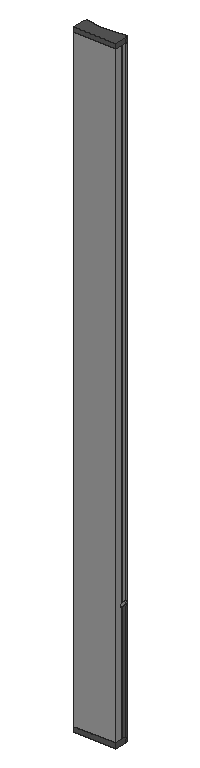
Revit family "JC KONTAKTER JCK138 Armbågskontakt", category Specialty Equipment, host Wall, Revit 2025
Family settings
  Host = Wall
  Round Connector Dimension = Use Diameter
  Part Type = Normal
  Enable Cutting in Views = Yes
  Always vertical = Yes
  Cut with Voids When Loaded = No
  Maintain Annotation Orientation = No
  Shared = No
  Room Calculation Point = No
Parameters (values of type "Armbågskontakt JCK138")
  URL = "https://jckontakter.se/produkt/armbagskontakter-metall/armbagskontakt-med-sparkfunktion-jck138/"
  Tillverkningsland = "Sverige"
  Tillvalsförteckning = "https://jckontakter.se/wp-content/uploads/sites/2/Tillval_metall_2024.pdf"
  Tekniskt produktblad = "https://jckontakter.se/wp-content/uploads/2019/09/Tekniskt-blad_JCK138.pdf"
  Produktvikt = "1.905 kg"
  Placering av armbågskontakt = "https://jckontakter.se/start/nyheter-och-information/armbagskontakter-placering-riktlinjer/"
  Nominell märkström = "12 V - Resistive 6A Inductive L/R 5ms 6A, 24 V - Resistive 6A Inductive L/R 5ms 5A"
  Model = "JCK138"  # constant formula
  Mikrobrytare = "Standard NO IP67"
  Manufacturer = "JC Kontakter"  # constant formula
  Lägsta märkström = "1mA/4 V DC"
  Long lid Finish = Aluminum ENAW 6060
  Lid Finish = Aluminum ENAW 6060 (Svart)
  Keynote = ""
  End Cap Finish = POM Tenac C 4520
  Description = "Kombinerad armbågskontakt/sparkkontakt. Lång modell som är tillverkad i aluminium, med silvereloxerad tryckyta upptill och svart sparkyta i botten.\r\n\r\nJCK138 tillhör en serie armbågskontakter som är kombinerade med sparkkontakt nedtill. Modellerna är särskilt utvecklade för att underlätta för t.ex. sjukhuspersonal att snabbt och enkelt kunna öppna dörrar med t.ex. sängen, armbågen, höften eller foten."  # constant formula
  Default Elevation = 0 mm
  Core Finish = Aluminum ENAW 6060
  CE Dokument = "https://jckontakter.se/wp-content/uploads/CE_Dokument.pdf"
  Assembly Code = ""
  Antal mikrobrytare = 5
Types (2, lengths in mm): name | URL | Tekniskt produktblad | Produktvikt | Nominell märkström | Lid Finish | Antal mikrobrytare
  Type 1 | "https://jckontakter.se/produkt/armbagskontakter-metall/armbagskontakt-i-aluminium-jck108/" | "https://jckontakter.se/wp-content/uploads/2019/09/Tekniskt-blad_JCK108.245.pdf" | "0.305 kg" | "0,1A - 10 A/250 V AC" | Aluminum ENAW 6060 | 2
  Armbågskontakt JCK138 | "https://jckontakter.se/produkt/armbagskontakter-metall/armbagskontakt-med-sparkfunktion-jck138/" | "https://jckontakter.se/wp-content/uploads/2019/09/Tekniskt-blad_JCK138.pdf" | "1.905 kg" | "12 V - Resistive 6A Inductive L/R 5ms 6A, 24 V - Resistive 6A Inductive L/R 5ms 5A" | Aluminum ENAW 6060 (Svart) | 5
Reference planes
  plane 1 "Wall": y = 0
  plane 2 "Center (Left/Right)": x = 125
  plane 3 "Back": y = 75
  plane 4 "A": z = 800
Lines and regions (mm)
  Masking region 1
    outline origin (0, 0, -100) x (1, 0, 0) y (0, 0, 1)
      loop
        line (175, 2100) -> (75, 2100) -> (75, 900) -> (175, 900) -> (175, 2100)
  symbolic lines
    curve 1: line (75, 125, 0) -> (175, 125, 0)
    curve 2: line (75, 75, 0) -> (75, 125, 0)
    curve 3: line (175, 75, 0) -> (75, 75, 0)
    curve 4: line (175, 125, 0) -> (175, 75, 0)
    curve 5: line (175, 0, 2000) -> (75, 0, 2000)
    curve 6: line (175, 0, 800) -> (175, 0, 2000)
    curve 7: line (75, 0, 800) -> (175, 0, 800)
    curve 8: line (75, 0, 2000) -> (75, 0, 800)
Text (mm)
  text "Placement Side" at (-1848.837, 1116.779, 0), in view "Ref. Level"
  text "Placement side" at (0, 1409.804, 2854.306), in view "Left"
  text "Placement side" at (0, 499.811, 2980.732), in view "Right"
Dimensions and locks
  locked: plane 3 "Back" to host wall
  locked: curve 3 to curve 1 at 50
  aligned and locked: plane 1 "Wall" to host wall
  aligned and locked: nested 1 to plane 3 "Back"
  aligned and locked: curve 3 to plane 3 "Back"
  aligned and locked: plane 4 "A" to curve 7
  aligned and locked: curve 6 to Masking region 1
  aligned and locked: curve 8 to Masking region 1
Nested families
  nested 1: "AK_138" at (125, 75, 800) x (-1, 0, 0) z (0, 0, 1), type "AK_138", detail levels medium+fine
Definition of nested family "AK_138"
  Parameters (values of type "AK_138")
    URL = "https://jckontakter.se/produkt/armbagskontakter-metall/armbagskontakt-med-sparkfunktion-jck138/"
    Model = "JCK138"  # constant formula
    Middle separator Finish = none
    Manufacturer = "JC Kontakter"  # constant formula
    Long lid Finish = none
    Lid Finish = none
    End Cap Finish = none
    Description = "Kombinerad armbågskontakt/sparkkontakt. Lång modell som är tillverkad i aluminium, med silvereloxerad tryckyta upptill och svart sparkyta i botten.\r\n\r\nJCK138 tillhör en serie armbågskontakter som är kombinerade med sparkkontakt nedtill. Modellerna är särskilt utvecklade för att underlätta för t.ex. sjukhuspersonal att snabbt och enkelt kunna öppna dörrar med t.ex. sängen, armbågen, höften eller foten."  # constant formula
    Default Elevation = 0 mm
    Core Finish = none
  Reference planes
    plane 1 "Center (Front/Back)": y = 0
    plane 2: z = 0
    plane 3 "Center (Left/Right)": x = 0
    plane 4 "1": x = 40
    plane 5 "A": z = 9
    plane 6 "B": z = 1191
    plane 7: y = -17.83
    plane 8 "C": z = 236
    plane 9: y = -17.83
  Forms (mm)
    Extrusion 1, solid, material <- "Core Finish"
      sketch origin (40, 0, 9) x (1, 0, 0) y (0, 1, 0)
        loop
          line (-80, 0) -> (-80, -10) -> (-73.2, -10) -> (-73.2, -15) -> (-6, -15) -> (-6, -10) -> (0, -10) -> (0, 0) -> (-80, 0)
      from 0 to 1182
    Extrusion 2, solid, material <- "Lid Finish"
      sketch origin (-40, 0, 9) x (-1, 0, 0) y (0, -1, 0)
        loop
          line (-6.8, 17.58) -> (-6.8, 15) -> (0, 15) -> (0, 23)
          arc (0, 23) -> (-1.864, 26.894) -> (-6.066, 27.885) r 5
          arc (-6.066, 27.885) -> (-40, 24) -> (-73.934, 27.885) r 150.141
          arc (-73.934, 27.885) -> (-78.136, 26.894) -> (-80, 23) r 5
          line (-80, 23) -> (-80, 15) -> (-74, 15) -> (-74, 17.58) -> (-6.8, 17.58)
      from 0 to 226
    Extrusion 3, solid, material <- "End Cap Finish"
      sketch origin (-40, 0, 0) x (1, 0, 0) y (0, 1, 0)
        loop
          arc (0, -23) -> (1.864, -26.894) -> (6.066, -27.885) r 5
          arc (6.066, -27.885) -> (40, -24) -> (73.934, -27.885) r 150.141
          arc (73.934, -27.885) -> (78.136, -26.894) -> (80, -23) r 5
          line (80, -23) -> (80, 0) -> (0, 0) -> (0, -23)
      from 0 to 9
    Extrusion 4, void
      sketch origin (0, 0, 0) x (1, 0, 0) y (0, 1, 0)
        loop
          circle (-29.75, -12.25) r 3.75
        loop
          circle (29.75, -12.25) r 3.75
      from 0 to 4
    Extrusion 5, solid, material <- "End Cap Finish"
      sketch origin (0, 0, 1191) x (-1, 0, 0) y (0, -1, 0)
        loop
          arc (40, 23) -> (38.136, 26.894) -> (33.934, 27.885) r 5
          arc (33.934, 27.885) -> (0, 24) -> (-33.934, 27.885) r 150.141
          arc (-33.934, 27.885) -> (-38.136, 26.894) -> (-40, 23) r 5
          line (-40, 23) -> (-40, 0) -> (40, 0) -> (40, 23)
      from 0 to 9
    Extrusion 6, solid, material <- "Middle separator Finish"
      sketch origin (0, 0, 236) x (-1, 0, 0) y (0, -1, 0)
        loop
          arc (40, 23) -> (38.136, 26.894) -> (33.934, 27.885) r 5
          arc (33.934, 27.885) -> (0, 24) -> (-33.934, 27.885) r 150.141
          arc (-33.934, 27.885) -> (-38.136, 26.894) -> (-40, 23) r 5
          line (-40, 23) -> (-40, 10) -> (-34, 10) -> (-34, 17.58) -> (33.2, 17.58) -> (33.2, 10) -> (40, 10) -> (40, 23)
      from 0 to 5
    Extrusion 7, solid, material <- "Long lid Finish"
      sketch origin (0, 0, 236) x (-1, 0, 0) y (0, -1, 0)
        loop
          line (33.2, 17.58) -> (33.2, 15) -> (40, 15) -> (40, 23)
          arc (40, 23) -> (38.136, 26.894) -> (33.934, 27.885) r 5
          arc (33.934, 27.885) -> (0, 24) -> (-33.934, 27.885) r 150.141
          arc (-33.934, 27.885) -> (-38.136, 26.894) -> (-40, 23) r 5
          line (-40, 23) -> (-40, 15) -> (-34, 15) -> (-34, 17.58) -> (33.2, 17.58)
      from 6 to 955
  Cuts and joins
    Extrusion 4 cuts Extrusion 3
  Dimensions and locks
    aligned and locked: level to plane 2
    aligned and locked: plane 6 "B" to Extrusion 1
    aligned and locked: plane 6 "B" to Extrusion 7
